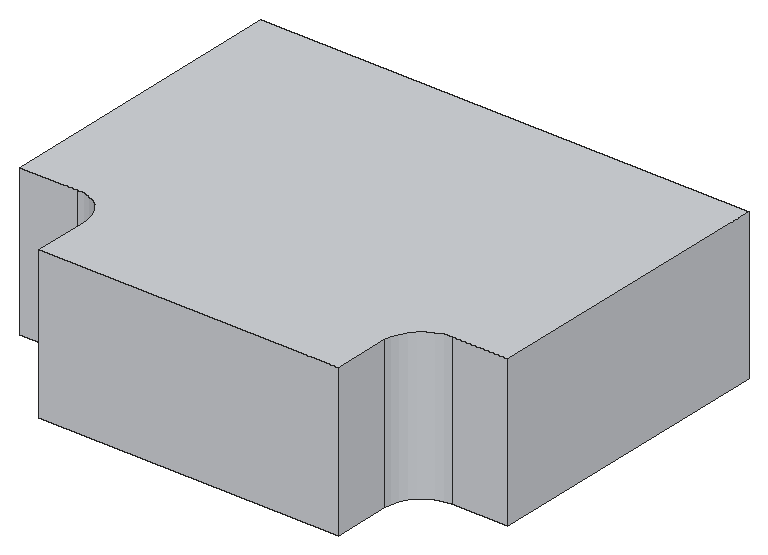
Revit family "KNS_Т-образный парапетный разветвитель верт_IEK", category Соединительные детали воздуховодов, Revit 2019
Family settings
  Размер круглого соединителя = Использовать диаметр
  Тип детали = Тройник
  Номер OmniClass = 23.75.70.14
  Заголовок OmniClass = Air Ductwork
  На основе рабочей плоскости = Нет
  Всегда вертикально = Да
  При загрузке вырезать с полостями = Нет
  Общий = Нет
Parameters (values of type "Стандарт")
  Ширина воздуховода 3 [instance] = 80 mm
  Ширина воздуховода 1 [instance] = 80 mm
  Полка [instance] = 25 mm
  Type Comments = ""
  Изготовитель = "IEK"  # constant formula
  Длина3a [instance] = Ширина воздуховода 1 / 2  # 40 mm
  Длина воздуховода 3 [instance] = Длина3a + Полка  # 65 mm
  Длина1a [instance] = Ширина воздуховода 3 / 2  # 40 mm
  Длина воздуховода 1 [instance] = Длина1a + Полка  # 65 mm
  Model = ""
  Высота воздуховода 3 [instance] = 40 mm
  Высота воздуховода [instance] = 40 mm
  URL = "https://www.iek.ru/"
  KSI_CPr_Строительные изделия = "20.2.05.05"  # constant formula
  KSI_CMa_Строительные материалы = "01.07.14"  # constant formula
  IEK_Цена с НДС [instance] = size_lookup("IEK_Угол парапетный вертикальный Т-образный", "Cost", "Неправильный размер", Ширина воздуховода 1, Высота воздуховода, IEK_Цвет)  # "149.95"
  IEK_Цвет [instance] = "Белый"
  IEK_Температура эксплуатации = "-15...+60 °C"  # constant formula
  IEK_Срок службы = "25 лет"  # constant formula
  IEK_Поиск в таблице имен = ""
  IEK_Описание = "Т-образный угол КМТ служит для Т-образного соединения трех кабель-каналов одинакового типоразмера."
  IEK_Монтажная температура = "-15...+60 °C"  # constant formula
  IEK_Гарантийный срок = "2 года"  # constant formula
  IEK_URL [instance] = size_lookup("IEK_Угол парапетный вертикальный Т-образный", "Link", "Неправильный размер", Ширина воздуховода 1, Высота воздуховода, IEK_Цвет)  # "https://www.iek.ru/products/catalog/?page=detail&article=CKK-40D-T-080-040-K01&utm_source=price"
  IEK_ID [instance] = size_lookup("IEK_Угол парапетный вертикальный Т-образный", "ID", "Неправильный размер", Ширина воздуховода 1, Высота воздуховода, IEK_Цвет)  # "#501030204001"
  ADSK_Обозначение = "ТУ 27.33.14-004-83135016-2017"  # constant formula
  ADSK_Наименование [instance] = size_lookup("IEK_Угол парапетный вертикальный Т-образный", "Name", "Неправильный размер", Ширина воздуховода 1, Высота воздуховода, IEK_Цвет)  # "Т-угол для К.К. \"Праймер\" 80х40"
  ADSK_Материал обозначение = "Пластик"  # constant formula
  ADSK_Материал наименование = "ПВХ (PVC)"  # constant formula
  ADSK_Материал [instance] = none
  ADSK_Масса [instance] = 0
  ADSK_Марка = ""
  ADSK_Количество = 0
  ADSK_Код изделия [instance] = size_lookup("IEK_Угол парапетный вертикальный Т-образный", "Code", "Неправильный размер", Ширина воздуховода 1, Высота воздуховода, IEK_Цвет)  # "CKK-40D-T-080-040-K01"
  ADSK_Завод-изготовитель = "IEK"  # constant formula
  ADSK_Единица измерения = "шт"  # constant formula
  ADSK_Группирование = "Кабельные короба"
  ADSK_Версия семейства = "1.1"  # constant formula
  ADSK_Версия Revit = "2019"  # constant formula
  ADSK_URL страницы изделия = "https://www.iek.ru/products/catalog/sistemy_dlya_prokladki_kabelya/kabel_kanaly_i_aksessuary/kabel_kanaly_magistralnye_belye_i_aksessuary/aksessuary_dlya_magistralnykh_kabel_kanalov_belye/t_obraznyy_ugol_kmt_belyy/?pagec=100"
  ADSK_URL документации изделия = "https://www.iek.ru/upload/pictures/katalogi/ru_ru/5-catalog_kabeln_syst.pdf"
Reference planes
  plane 1 "По центру (Вперед/Назад)": y = 0
  plane 2: z = 0
  plane 3 "По центру (Влево/Вправо)": x = 0
  plane 4: x = -65
  plane 5: x = 65
  plane 6: y = -65
Forms (mm)
  Sweep 1, solid, detail levels medium
    path in 3D
      loop
        line (-65, 0, 0) -> (0, 0, 0)
    profile "M_Воздуховод - Прямоугольного сечения : Воздуховод - Прямоугольного сечения" origin (-32.5, 0, 0) x (0, 1, 0) y (0, 0, 1)
      loop
        line (-40, 20) -> (-40, -20) -> (40, -20) -> (40, 20) -> (-40, 20)
  Sweep 2, solid, detail levels medium
    path in 3D
      loop
        line (0, 0, 0) -> (65, 0, 0)
    profile "M_Воздуховод - Прямоугольного сечения : Воздуховод - Прямоугольного сечения" origin (32.5, 0, 0) x (0, 1, 0) y (0, 0, 1)
      loop
        line (-40, 20) -> (-40, -20) -> (40, -20) -> (40, 20) -> (-40, 20)
  Sweep 3, solid, detail levels medium
    path in 3D
      loop
        line (0, 0, 0) -> (0, -65, 0)
    profile "M_Воздуховод - Прямоугольного сечения : Воздуховод – Прямоугольного сечения 3" origin (0, -32.5, 0) x (1, 0, 0) y (0, 0, 1)
      loop
        line (-40, 20) -> (-40, -20) -> (40, -20) -> (40, 20) -> (-40, 20)
  Extrusion 4, solid, detail levels fine
    sketch origin (0, 0, 0) x (1, 0, 0) y (0, 1, 0)
      loop
        line (-65, 40) -> (-65, -40) -> (-50, -40)
        arc (-50, -40) -> (-42.929, -42.929) -> (-40, -50) r 10
        line (-40, -50) -> (-40, -65) -> (40, -65) -> (40, -50)
        arc (40, -50) -> (42.929, -42.929) -> (50, -40) r 10
        line (50, -40) -> (65, -40) -> (65, 40) -> (-65, 40)
    from -20 to 20
Cuts and joins
  joined: Sweep 1, Sweep 2, Sweep 3
Lines and regions (mm)
  reference lines
    curve 1: line (-65, 0, 0) -> (0, 0, 0)
    curve 2: line (0, 0, 0) -> (65, 0, 0)
    curve 3: line (0, 0, 0) -> (0, -65, 0)
  sketch lines
    curve 4: line (-65, 0, 0) -> (0, 0, 0)
    curve 5: line (0, 0, 0) -> (65, 0, 0)
    curve 6: line (0, 0, 0) -> (0, -65, 0)
  model lines, style "DuctFitting", detail levels coarse
    curve 7: line (-65, 0, 0) -> (0, 0, 0)
    curve 8: line (0, 0, 0) -> (65, 0, 0)
    curve 9: line (0, 0, 0) -> (0, -65, 0)
Dimensions and locks
  equal spacing: plane 4, plane 3 "По центру (Влево/Вправо)", plane 5
  "Длина воздуховода 1": plane 4 to plane 3 "По центру (Влево/Вправо)"
  "Длина воздуховода 3": plane 6 to plane 1 "По центру (Вперед/Назад)"
  aligned and locked: plane 3 "По центру (Влево/Вправо)" to curve 1
  aligned and locked: plane 4 to curve 1
  aligned and locked: plane 1 "По центру (Вперед/Назад)" to curve 1
  aligned and locked: plane 5 to curve 2
  aligned and locked: plane 1 "По центру (Вперед/Назад)" to curve 2
  aligned and locked: plane 6 to curve 3
  aligned and locked: curve 7 to curve 1
  aligned and locked: curve 8 to curve 2
  aligned and locked: curve 9 to curve 3
  aligned and locked: plane 5 to Extrusion 4
  aligned and locked: Extrusion 4 to plane 4
  aligned and locked: Extrusion 4 to cut or joined group of Sweep 1, Sweep 2, Sweep 3  (x3)
  aligned and locked: Extrusion 4 to plane 6
Automatic sketch dimensions
  curve 7 to plane 4 = 0 mm
  curve 8 to plane 5 = 0 mm
  curve 9 to plane 6 = 0 mm
  Extrusion 4 sketch curve to plane 4 = 0 mm
  Extrusion 4 sketch curve to plane 6 = 0 mm
  Extrusion 4 sketch curve to plane 5 = 0 mm
  plane 4 to Extrusion 4 sketch curve = 15 mm
  Extrusion 4 sketch curve to Extrusion 4 sketch curve = 10 mm  (x2)
  Extrusion 4 sketch curve to plane 5 = 25 mm
  plane 6 to Extrusion 4 sketch curve = 15 mm
  Extrusion 4 sketch curve to Extrusion 4 sketch curve = 15 mm
  Extrusion 4 sketch curve to plane 1 "По центру (Вперед/Назад)" = 40 mm
Connectors
  hvac at (-65, 0, 0), driven by "Высота воздуховода", driven by "Ширина воздуховода 1"
    settings: on cut or joined group of Sweep 1, Sweep 2, Sweep 3, index 1, duct flow 0.0 L/s, flow factor 0, pres drop 0.0 Pa, loss coef 0, conn angle 0.00°, conn width 80 mm, conn height 40 mm, conn diameter 609.6 mm, duct sys type 28, conn prof type 1, flow config 0, flow direction 0, loss method 0, conn ref index 2, conn util no, is conn primary yes, conn desc ""
  hvac at (65, 0, 0), driven by "Высота воздуховода", driven by "Ширина воздуховода 1"
    settings: on cut or joined group of Sweep 1, Sweep 2, Sweep 3, index 2, duct flow 0.0 L/s, flow factor 0, pres drop 0.0 Pa, loss coef 0, conn angle 0.00°, conn width 80 mm, conn height 40 mm, conn diameter 609.6 mm, duct sys type 28, conn prof type 1, flow config 0, flow direction 0, loss method 0, conn ref index 1, conn util no, is conn primary no, conn desc ""
  hvac at (0, -65, 0), driven by "Высота воздуховода 3", driven by "Ширина воздуховода 3"
    settings: on cut or joined group of Sweep 1, Sweep 2, Sweep 3, index 3, duct flow 0.0 L/s, flow factor 0, pres drop 0.0 Pa, loss coef 0, conn angle 0.00°, conn width 80 mm, conn height 40 mm, conn diameter 609.6 mm, duct sys type 28, conn prof type 1, flow config 0, flow direction 0, loss method 0, conn ref index -1, conn util no, is conn primary no, conn desc ""
